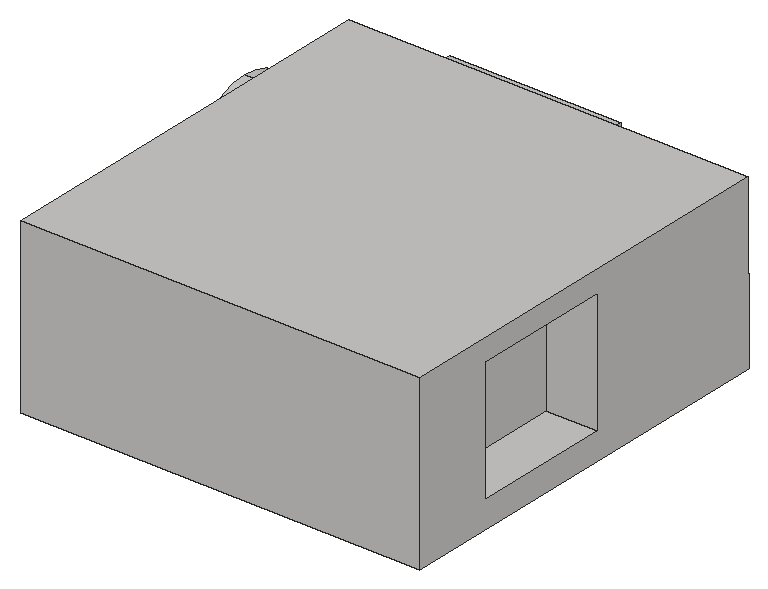
Revit family
Parameters
  Width = 4' - 0 1/8"
  Voltage = 277 V
  Unit Weight = "230.0 lbs"
  UltraLoc Liner = Choose Liner Option = 3  # no
  URL = "http://www.titus-hvac.com/"
  UL = "181"
  Supply Air Flow [instance] = 0 CFM
  SteriLoc Liner = Choose Liner Option = 2  # no
  Primary Air Pressure Drop [instance] = 0.00 in-wg
  Primary Air Flow [instance] = 0 CFM
  Plenum Air Pressure Drop [instance] = 0.00 in-wg
  Plenum Air Flow [instance] = 0 CFM
  Outlet Width = 1' - 4 1/2"
  Outlet Vertical Offset = 0' - 1 1/8"
  Outlet Horizontal Offset = 0' - 1 3/8"
  Outlet Height = 1' - 2 1/2"
  Number of Poles = 1
  Nominal Width = Width + 0' 6 1/4"  # 4' - 6 3/8"
  Nominal Length = Length + 0' 3 3/8"  # 4' - 2 1/4"
  Nominal Inlet Size = 1' - 4"
  Nominal Height = 1' - 8 1/8"
  NFPA = "90A"
  Motor Full Load Amps = 6.5 A
  Model = "DTQS"
  Min. Air Flow = 0 CFM
  Max. Air Flow = 0 CFM
  Material = Galvanized Steel
  Manufacturer = "Titus"
  Length = 3' - 10 7/8"
  Juction Box Offset = 0' - 6 7/8"
  Inlet Diameter = Nominal Inlet Size - 0' 0 1/8"  # 1' - 3 7/8"
  Induced offset = 0' - 1 1/4"
  Induced Air Inlet Offset = 0' - 4 1/2"
  Induced Air Inlet Width = 1' - 9"
  Induced Air Inlet Height = 1' - 5 1/2"
  Induced Air Filter = no
  Heating Total Capacity [instance] = 0 Btu/h
  Half Outlet Connection Width = Outlet Width / 2  # 0' - 8 1/4"
  Half Outlet Connection Height = Outlet Height / 2  # 0' - 7 1/4"
  Half Height Start = -(Nominal Height / 2)  # -0' - 10 1/16"
  Half Height End = Nominal Height / 2  # 0' - 10 1/16"
  HP-Motor = "1"
  Frequency = 60 Hz
  Filter Size = "27\"x20\""
  Fiber Free Liner = Choose Liner Option = 1  # no
  Fan Disconnect Switch = no
  Duct Radius = Nominal Inlet Size / 2  # 0' - 8"
  Description = "Series Fan Powered Terminal Unit, Direct Digital Control, Pressure Independent"
  Connection Void Radius = Connection Radius - 0' 0 1/4"  # 0' - 7 11/16"
  Connection Radius = Inlet Diameter / 2  # 0' - 7 15/16"
  Choose Liner Option = 0
  CADworks URL = "www.CADworks.net"
  Assembly Code = "D3040100"
  Apparent Power = Voltage * Motor Full Load Amps  # 1800.5 VA
  Air Inlet Offset = 0' - 11"
  1/2" Fiberglass Liner = Choose Liner Option = 0  # yes
Reference planes (in)
  plane 1 "Center (Front/Back)": y = 0
  plane 2: z = 0
  plane 3 "Center (Left/Right)": x = 3
  plane 4: x = -20.4375
  plane 5: x = 26.4375
  plane 6: x = -13.5625
  plane 7: x = -23.8125
  plane 8 "Center (Elevation)": z = 0
  plane 9: y = -24.0625
  plane 10: y = 24.0625
  plane 11: y = 13.0625
  plane 12: y = -19.5625
  plane 13: x = 20.4375
  plane 14: y = 30.3125
  plane 15: z = 10.0625
  plane 16: z = -10.0625
Forms (in)
  Extrusion 1, solid, material "Galvanized Steel" <- "Material"
    sketch origin (0, 0, 52) x (1, 0, 0) y (0, 1, 0)
      loop
        line (-20.4375, 24.0625) -> (-20.4375, -24.0625) -> (26.4375, -24.0625) -> (26.4375, 24.0625) -> (-20.4375, 24.0625)
    from -62.0625 <- "Half Height Start" to -41.9375 <- "Half Height End"
  Extrusion 2, solid, material "Galvanized Steel" <- "Material"
    sketch origin (5.0625, 0, -6) x (1, 0, 0) y (0, 1, 0)
      loop
        line (-18.625, 24.0625) -> (1.375, 24.0625) -> (1.375, 30.3125) -> (-18.625, 30.3125) -> (-18.625, 24.0625)
    from 0 to 12
  Extrusion 3, void
    sketch origin (26.4375, 24.0625, 53.125) x (0, 1, 0) y (0, 0, -1)
      loop
        line (-22.125, 45.5625) -> (-22.125, 60.0625) -> (-38.625, 60.0625) -> (-38.625, 45.5625) -> (-22.125, 45.5625)
    from 0 to 6
  Extrusion 4, solid, material "Galvanized Steel" <- "Material"
    sketch origin (-24.875, 0.5625, 0) x (0, 0, -1) y (0, 1, 0)
      loop
        circle (0, 12.5) r 7.9375
    from 1.0625 to 4.4375
  Extrusion 5, void
    sketch origin (-24.875, 0, 0) x (0, 1, 0) y (0, 0, 1)
      loop
        circle (13.0625, 0) r 7.6875
    from 1.0625 to 11.3125
  Extrusion 6, void
    sketch origin (-20.4375, -24.0625, 52) x (0, -1, 0) y (0, 0, -1)
      loop
        line (-25.5, 43.3125) -> (-4.5, 43.3125) -> (-4.5, 60.8125) -> (-25.5, 60.8125) -> (-25.5, 43.3125)
    from 0 to 6.875
Cuts and joins
  Extrusion 3, Extrusion 5, Extrusion 6 cuts Extrusion 1
  Extrusion 5 cuts Extrusion 4
Dimensions and locks (in)
  "Length": plane 5 to plane 4
  equal spacing: plane 5, plane 3 "Center (Left/Right)", plane 4
  locked: Extrusion 2 to plane 6 at 0
  locked: Extrusion 2 to Extrusion 2 at 20
  "Juction Box Offset": plane 6 to plane 4
  "Outlet Height": Extrusion 3 sketch curve to Extrusion 3 sketch curve
  "Outlet Width": Extrusion 3 sketch curve to Extrusion 3 sketch curve
  locked: plane 4 to plane 7 at 3.375
  "Width": plane 9 to plane 10
  equal spacing: plane 9, plane 1 "Center (Front/Back)", plane 10
  locked: Extrusion 4 sketch curve to level at 0
  locked: Extrusion 4 sketch curve to plane 11 at 0
  locked: Extrusion 5 sketch curve to level at 0
  locked: Extrusion 5 sketch curve to plane 11 at 0
  locked: Extrusion 2 to Extrusion 2 at 6.25
  "Air Inlet Offset": plane 10 to plane 11
  locked: Extrusion 2 to plane 10 at 0
  locked: cut or joined group of Extrusion 4, Extrusion 5 to plane 7 at 0
  locked: cut or joined group of Extrusion 4, Extrusion 5 to cut or joined group of Extrusion 4, Extrusion 5 at 3.375
  "Induced Air Inlet Offset": plane 9 to plane 12
  "Induced Air Inlet Width": Extrusion 6 sketch curve to Extrusion 6 sketch curve
  "Induced Air Inlet Height": Extrusion 6 sketch curve to Extrusion 6 sketch curve
  "Induced Air Inlet Offset": Extrusion 6 sketch curve to plane 9
  locked: plane 9 to Extrusion 3 sketch curve at 9.5
  cut or joined group of Extrusion 1, Extrusion 3, Extrusion 5, Extrusion 6 to Extrusion 3 sketch curve = 0' - 3 1/8"
  locked: Extrusion 2 to Extrusion 2 at 12
  equal spacing: Extrusion 2, level, Extrusion 2
  locked: cut or joined group of Extrusion 1, Extrusion 3, Extrusion 5, Extrusion 6 to cut or joined group of Extrusion 1, Extrusion 3, Extrusion 5, Extrusion 6 at 20.125
  equal spacing: cut or joined group of Extrusion 1, Extrusion 3, Extrusion 5, Extrusion 6, level, cut or joined group of Extrusion 1, Extrusion 3, Extrusion 5, Extrusion 6
  "Induced offset": Extrusion 6 sketch curve to cut or joined group of Extrusion 1, Extrusion 3, Extrusion 5, Extrusion 6
  plane 15 to plane 8 "Center (Elevation)" = 0' - 10 1/16"
  "Connection Radius": radius of Extrusion 4 sketch curve
  "Connection Void Radius": radius of Extrusion 5 sketch curve
  aligned and locked: plane 6 to Extrusion 6
  aligned and locked: Extrusion 3 to plane 13
  aligned and locked: plane 5 to cut or joined group of Extrusion 1, Extrusion 3, Extrusion 5, Extrusion 6
  aligned and locked: cut or joined group of Extrusion 1, Extrusion 3, Extrusion 5, Extrusion 6 to plane 4
  aligned and locked: cut or joined group of Extrusion 1, Extrusion 3, Extrusion 5, Extrusion 6 to plane 10
  aligned and locked: plane 9 to cut or joined group of Extrusion 1, Extrusion 3, Extrusion 5, Extrusion 6
  aligned and locked: Extrusion 1 to Extrusion 6
  aligned and locked: Extrusion 5 to plane 7
  aligned and locked: plane 6 to Extrusion 5
Automatic sketch dimensions
  Extrusion 1 sketch curve to plane 4 = 0' - 0"
  plane 5 to Extrusion 1 sketch curve = 0' - 0"
  Extrusion 1 sketch curve to plane 9 = 0' - 0"
  Extrusion 1 sketch curve to plane 10 = 0' - 0"
  Extrusion 2 sketch curve to plane 6 = 0' - 0"
  Extrusion 2 sketch curve to plane 10 = 0' - 0"
  plane 3 "Center (Left/Right)" to Extrusion 2 sketch curve = 0' - 3 7/16"
  Extrusion 2 sketch curve to plane 10 = 0' - 6 1/4"
Connectors (in)
  electrical at (-3.5625, 30.3125, 0), driven by "Apparent Power", driven by "Voltage", driven by "Number of Poles"
    settings: on Extrusion 2, index 8
  hvac at (-23.8125, 13.0625, 0), driven by "Primary Air Flow", driven by "Duct Radius", driven by "Primary Air Pressure Drop"
    settings: on cut or joined group of Extrusion 4, Extrusion 5, index 9
  hvac at (-20.4375, -9.0625, -0.0625), driven by "Induced Air Inlet Height", driven by "Induced Air Inlet Width", driven by "Plenum Air Pressure Drop", driven by "Plenum Air Flow"
    settings: on cut or joined group of Extrusion 1, Extrusion 3, Extrusion 5, Extrusion 6, index 12
  hvac at (26.4375, -6.3125, 0.3125), driven by "Supply Air Flow", driven by "Outlet Width", driven by "Outlet Height"
    settings: on cut or joined group of Extrusion 1, Extrusion 3, Extrusion 5, Extrusion 6, index 13
